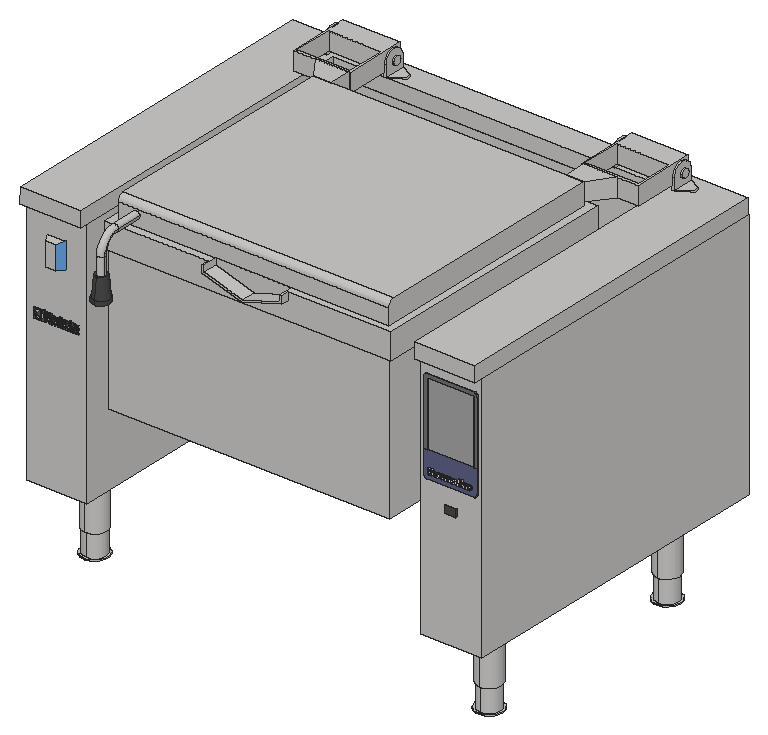
Revit family "QF_ELECTROLUXPROFESSIONAL_587031_PFET09ECUU", category Attrezzature speciali, Revit 2020
Family settings
  Quota connettore circolare = Usa diametro
  Tipo di parte = Normale
  Basato su piano di lavoro = No
  Sempre verticale = Sì
  Taglio con vuoti quando caricato = No
  Condiviso = No
  Punto di calcolo locali = No
Parameters (values of type "Standard")
  Weight = 240.00 kg
  Watts = 15500 W
  Volts = 208 V
  URL Manufacturer = "https://www.electroluxprofessional.com/"
  URL = "https://www.electroluxprofessional.com/"
  Steam Supply Size = 0 mm
  Steam Supply Minimum Pressure = 0.0 Pa
  Steam Supply Maximum Pressure = 0.0 Pa
  Steam Consumption per Hour = 0
  Refrigeration Suction Line Size = 0.0 mm
  Refrigeration Liquid Line Size = 0.0 mm
  Refrigerant Compressor Remote = yes
  Prospetto di default = 0.0 mm
  Produttore = "Electrolux Professional"
  Phase = 3
  Modello = "PFET09ECUU"
  Length Actual = 1200.0 mm  # constant formula
  Item Number = "587031"
  Hot Water Size = 12.7 mm
  Height Actual = 700.0 mm  # constant formula
  HP = "20.8 HP"
  Gas Size = 0 mm
  Gas KW = 0
  Gas Input Pressure = 0 W
  Direct Waste Size = 0 mm
  Descrizione = "ELECTRIC  TILTING BRAISING PAN,90L/24GAL,208V,COMPOUND(H),FS,USA"
  Depth Actual = 900.0 mm  # constant formula
  Cycle = 60 Hz
  Condensate Return Size = 0 mm
  Compressed Air Volume = 0.0 L/s
  Compressed Air Size = 0 mm
  Compressed Air Pressure = 0.0 Pa
  Cold Water Size = 12.7 mm
  Accessory = yes
Reference planes
  plane 1 "Center (Front/Back)": y = 0
  plane 2: z = 0
  plane 3 "Center (Left/Right)": x = 0
  plane 4 "LEFT": x = -600
  plane 5 "RIGHT": x = 600
  plane 6 "BACK": y = 450
  plane 7 "FRONT": y = -450
  plane 8 "Base": z = 200
  plane 9 "TOP": z = 900
  plane 10: x = -440
  plane 11: x = 440
  plane 12 "Axe_PentolaY": y = -230
  plane 13 "AxePentolaZ": z = 730
  plane 14 "PLANE_TOP": z = 860
  plane 15: y = 380
  plane 16: z = 833
  plane 17: z = 455
  plane 18: z = 293
  plane 19: y = -470
  plane 20 "CentroPentolaY": y = -158
  plane 21 "TopCoperchio": z = 958
  plane 22 "Versamento": z = 910
  plane 23 "V1": through (-107.18, -558, 4000) normal (-0.7071, -0.7071, 0)
  plane 24 "V2": through (107.18, -558, 4000) normal (-0.7071, 0.7071, 0)
  plane 25 "Gfront": y = -1300
  plane 26 "LEVEL": through (-245.562, -289.383, 4000) normal (0.866, 0.5, 0)
  plane 27 "GRight": x = 250
  plane 28 "GLeft": x = -250
  plane 29 "Gback": y = -100
  plane 30: z = 1845
  plane 31 "Ribaltamento": y = -521
  plane 32 "AxeL": x = -520
  plane 33 "AxeR": x = 520
  plane 34 "Pentola_Back": y = 226
  plane 35 "Pentola_L": x = -370.5
  plane 36 "Pentola_R": x = 370.5
  plane 37: x = -310.5
  plane 38 "axeC1": x = -380
  plane 39 "axeC2": x = 380
Forms (mm)
  Revolve 1, solid, material "QF_Finishes_Stainless Steel"
    sketch origin (0, 0, 730) x (-1, 0, 0) y (0, -1, 0)
      loop
        line (440, 230) -> (-440, 230) -> (-440, 140) -> (-430, 140) -> (-430, 173) -> (430, 173) -> (430, 140) -> (440, 140) -> (440, 230)
      axis (440, 230) -> (-440, 230)
    angle from 0 to 360
  Extrusion 2, solid, material "QF_Finishes_Stainless Steel"
    sketch origin (0, 0, 860) x (-1, 0, 0) y (0, -1, 0)
      loop
        line (600, 450) -> (440, 450) -> (440, -380) -> (-440, -380) -> (-440, 450) -> (-600, 450) -> (-600, -450) -> (600, -450) -> (600, 450)
    from 0 to 40
  Extrusion 3, solid, material "QF_Finishes_Stainless Steel"
    sketch origin (0, 0, 860) x (-1, 0, 0) y (0, -1, 0)
      loop
        line (440, -380) -> (-440, -380) -> (-440, -450) -> (440, -450) -> (440, -380)
    from 0 to -360
  Extrusion 4, solid, material "QF_Finishes_Stainless Steel"
    sketch origin (-380, 0, 0) x (0, 1, 0) y (0, 0, 1)
      loop
        line (433.242, 900) -> (433.242, 931.379)
        arc (433.242, 931.379) -> (406.621, 958) -> (380, 931.379) r 26.621
        line (380, 931.379) -> (380, 900) -> (433.242, 900)
    from 75 to 82
  Extrusion 5, solid, material "QF_Finishes_Stainless Steel"
    sketch origin (-380, 0, 900) x (0, 1, 0) y (-1, 0, 0)
      loop
        arc (395.936, -111.185) -> (406.621, -117.525) -> (417.305, -111.185) r 12.174
        line (417.305, -111.185) -> (433.242, -82) -> (380, -82) -> (395.936, -111.185)
      loop
        line (395.936, 111.185) -> (380, 82) -> (433.242, 82) -> (417.305, 111.185)
        arc (417.305, 111.185) -> (406.621, 117.525) -> (395.936, 111.185) r 12.174
    from 0 to 3
  Extrusion 6, solid, material "QF_Door-Drawer Clearances", detail levels coarse
    sketch origin (0, 0, 0) x (0, 1, 0) y (0, 0, 1)
      loop
        line (-415, 958) -> (420, 958) -> (209.062, 1745.23) -> (194.574, 1741.347) -> (180.687, 1793.174)
        arc (180.687, 1793.174) -> (156.279, 1828.463) -> (116.687, 1845) r 76.299
        arc (116.687, 1845) -> (-327.776, 1502.756) -> (-519.112, 975.434) r 1003.531
        line (-519.112, 975.434) -> (-430, 943)
        arc (-430, 943) -> (-425.607, 953.607) -> (-415, 958) r 15
      loop
        arc (-470, 900) -> (-521.02, 709.615) -> (-444, 528.183) r 302.677
        line (-444, 528.183) -> (-444, 833) -> (-450, 833) -> (-450, 847.898) -> (-470, 847.898) -> (-470, 900)
    from 105 to -105
  Extrusion 7, solid, material "QF_Finishes_Stainless Steel"
    sketch origin (0, 0, 0) x (0, 1, 0) y (0, 0, 1)
      loop
        line (226, 833) -> (-444, 833) -> (-444, 455) -> (226, 455) -> (226, 833)
    from -370.5 to 370.5
  Extrusion 8, solid, material "QF_Finishes_Stainless Steel"
    sketch origin (0, 0, 0) x (0, 1, 0) y (0, 0, 1)
      loop
        line (232, 833) -> (232, 900) -> (-450, 900) -> (-450, 833) -> (232, 833)
    from -376.5 to 376.5
  Extrusion 9, void
    sketch origin (0, -450, 0) x (-1, 0, 0) y (0, 0, 1)
      loop
        line (-105, 900) -> (-105, 880) -> (0, 847.898) -> (105, 880) -> (105, 900) -> (-105, 900)
    from 0 to 20
  Extrusion 10, solid, material "QF_Finishes_Stainless Steel"
    sketch origin (0, 0, 0) x (0, 1, 0) y (0, 0, 1)
      loop
        line (212, 958) -> (-415, 958)
        arc (-415, 958) -> (-425.607, 953.607) -> (-430, 943) r 15
        line (-430, 943) -> (-430, 900) -> (212, 900) -> (212, 958)
    from -356.5 to 356.5
  Extrusion 11, solid, material "QF_Finishes_Stainless Steel"
    sketch origin (0, -450, 0) x (-1, 0, 0) y (0, 0, 1)
      loop
        line (105, 880) -> (105, 900) -> (100, 900) -> (100, 883.7) -> (0, 853.127) -> (-100, 883.7) -> (-100, 900) -> (-105, 900) -> (-105, 880) -> (0, 847.898) -> (105, 880)
    from -20 to 20
  Extrusion 12, solid, material "QF_Finishes_Stainless Steel"
    sketch origin (-380, 0, 0) x (0, 1, 0) y (0, 0, 1)
      loop
        line (433.242, 900) -> (433.242, 931.379)
        arc (433.242, 931.379) -> (406.621, 958) -> (380, 931.379) r 26.621
        line (380, 931.379) -> (380, 900) -> (433.242, 900)
    from -82 to -75
  Extrusion 13, solid, material "QF_Finishes_Stainless Steel"
    sketch origin (0, 0, 900) x (0, 1, 0) y (-1, 0, 0)
      loop
        line (433.242, 305) -> (433.242, 455) -> (270, 455) -> (270, 305) -> (433.242, 305)
      loop
        line (275, 450) -> (275, 310) -> (380, 310) -> (380, 450) -> (275, 450)
    from 10 to 58
  Extrusion 14, solid, material "QF_Finishes_Stainless Steel"
    sketch origin (-380, 0, 0) x (0, 1, 0) y (0, 0, 1)
      loop
        circle (406.621, 931.379) r 10
    from 82 to 89
  Extrusion 15, solid, material "QF_Finishes_Stainless Steel"
    sketch origin (-380, 0, 0) x (0, 1, 0) y (0, 0, 1)
      loop
        circle (406.621, 931.379) r 10
    from -82 to -89
  Extrusion 16, solid, material "QF_Finishes_Stainless Steel"
    sketch origin (380, 0, 900) x (0, 1, 0) y (-1, 0, 0)
      loop
        arc (395.936, -111.185) -> (406.621, -117.525) -> (417.305, -111.185) r 12.174
        line (417.305, -111.185) -> (433.242, -82) -> (380, -82) -> (395.936, -111.185)
      loop
        line (395.936, 111.185) -> (380, 82) -> (433.242, 82) -> (417.305, 111.185)
        arc (417.305, 111.185) -> (406.621, 117.525) -> (395.936, 111.185) r 12.174
    from 0 to 3
  Extrusion 17, solid, material "QF_Finishes_Stainless Steel"
    sketch origin (380, 0, 0) x (0, 1, 0) y (0, 0, 1)
      loop
        circle (406.621, 931.379) r 10
    from 82 to 89
  Extrusion 18, solid, material "QF_Finishes_Stainless Steel"
    sketch origin (380, 0, 0) x (0, 1, 0) y (0, 0, 1)
      loop
        circle (406.621, 931.379) r 10
    from -82 to -89
  Extrusion 19, solid, material "QF_Finishes_Stainless Steel"
    sketch origin (0, 0, 900) x (0, 1, 0) y (-1, 0, 0)
      loop
        line (433.242, -305) -> (270, -305) -> (270, -455) -> (433.242, -455) -> (433.242, -305)
      loop
        line (275, -450) -> (380, -450) -> (380, -310) -> (275, -310) -> (275, -450)
    from 10 to 58
  Extrusion 20, solid, material "QF_Finishes_Stainless Steel"
    sketch origin (380, 0, 0) x (0, 1, 0) y (0, 0, 1)
      loop
        line (433.242, 900) -> (433.242, 931.379)
        arc (433.242, 931.379) -> (406.621, 958) -> (380, 931.379) r 26.621
        line (380, 931.379) -> (380, 900) -> (433.242, 900)
    from 75 to 82
  Extrusion 21, solid, material "QF_Finishes_Stainless Steel"
    sketch origin (380, 0, 0) x (0, 1, 0) y (0, 0, 1)
      loop
        line (433.242, 900) -> (433.242, 931.379)
        arc (433.242, 931.379) -> (406.621, 958) -> (380, 931.379) r 26.621
        line (380, 931.379) -> (380, 900) -> (433.242, 900)
    from -82 to -75
  Extrusion 22, solid, material "QF_Finishes_Stainless Steel"
    sketch origin (0, 0, 900) x (0, 1, 0) y (-1, 0, 0)
      loop
        line (270, 310.5) -> (270, 397.112) -> (212, 356.5) -> (212, 310.5) -> (270, 310.5)
      loop
        line (270, -310.5) -> (212, -310.5) -> (212, -356.5) -> (270, -397.112) -> (270, -310.5)
    from 10 to 58
Cuts and joins
  Extrusion 9 cuts Extrusion 8
  joined: Extrusion 8, Extrusion 11
Lines and regions (mm)
  symbolic lines
    curve 1: line (600, 450, 900) -> (-600, 450, 900)
    curve 2: line (600, -450, 900) -> (600, 450, 900)
    curve 3: line (-600, 450, 900) -> (-600, -450, 900)
    curve 4: line (-600, -450, 900) -> (-440, -450, 900)
    curve 5: line (-440, -450, 900) -> (-440, 270, 900)
    curve 6: line (440, -450, 900) -> (600, -450, 900)
    curve 7: line (430, -140, 900) -> (430, -320, 900)
    curve 8: line (-430, -140, 900) -> (-430, -320, 900)
    curve 9: line (-430, -140, 900) -> (-440, -140, 900)
    curve 10: line (-430, -320, 900) -> (-440, -320, 900)
    curve 11: line (430, -140, 900) -> (440, -140, 900)
    curve 12: line (430, -320, 900) -> (440, -320, 900)
    curve 18: line (462, 380, 900) -> (455, 380, 900)
    curve 19: line (-430, -172.761, 900) -> (-375.169, -172.761, 900)
    curve 20: line (-430, -286.868, 900) -> (-376.5, -286.868, 900)
    curve 21: line (430, -172.761, 900) -> (376.5, -172.761, 900)
    curve 22: line (430, -286.868, 900) -> (376.5, -286.868, 900)
    curve 48: line (-356.5, -430, 900) -> (356.5, -430, 900)
    curve 49: line (-301.5, -450, 900) -> (-100, -450, 900)
    curve 55: line (100, -450, 900) -> (376.5, -450, 900)
    curve 56: line (-455, 270, 900) -> (-305, 270, 900)
    curve 57: line (-397.112, 270, 900) -> (-356.5, 212, 900)
    curve 58: line (-310.5, 212, 900) -> (-310.5, 232, 900)
    curve 59: line (-305, 270, 900) -> (-305, 433.242, 900)
    curve 60: line (-310, 275, 900) -> (-450, 275, 900)
    curve 61: line (-455, 433.242, 900) -> (-455, 270, 900)
    curve 62: line (-450, 275, 900) -> (-450, 380, 900)
    curve 63: line (-310, 380, 900) -> (-310, 275, 900)
    curve 64: line (-298, 380, 900) -> (-268.815, 395.936, 900)
    curve 65: line (-268.815, 417.305, 900) -> (-298, 433.242, 900)
    curve 66: arc (-268.815, 395.936, 900) -> (-262.475, 406.621, 900) -> (-268.815, 417.305, 900) r 12.174
    curve 67: line (-298, 380, 900) -> (-298, 433.242, 900)
    curve 68: line (-291, 396.621, 900) -> (-291, 416.621, 900)
    curve 69: line (-305, 433.242, 900) -> (-462, 433.242, 900)
    curve 70: line (-469, 416.621, 900) -> (-469, 396.621, 900)
    curve 71: line (-491.185, 395.936, 900) -> (-462, 380, 900)
    curve 72: arc (-491.185, 417.305, 900) -> (-497.525, 406.621, 900) -> (-491.185, 395.936, 900) r 12.174
    curve 73: line (-462, 433.242, 900) -> (-491.185, 417.305, 900)
    curve 74: line (-462, 433.242, 900) -> (-462, 380, 900)
    curve 75: arc (491.185, 395.936, 900) -> (497.525, 406.621, 900) -> (491.185, 417.305, 900) r 12.174
    curve 76: line (462, 380, 900) -> (491.185, 395.936, 900)
    curve 77: line (491.185, 417.305, 900) -> (462, 433.242, 900)
    curve 78: line (462, 380, 900) -> (462, 433.242, 900)
    curve 79: line (469, 396.621, 900) -> (469, 416.621, 900)
    curve 80: line (455, 270, 900) -> (455, 380, 900)
    curve 81: line (450, 380, 900) -> (450, 275, 900)
    curve 82: line (310, 275, 900) -> (310, 380, 900)
    curve 83: line (305, 433.242, 900) -> (305, 380, 900)
    curve 84: line (450, 275, 900) -> (310, 275, 900)
    curve 85: line (455, 270, 900) -> (305, 270, 900)
    curve 86: line (268.815, 395.936, 900) -> (298, 380, 900)
    curve 87: line (298, 433.242, 900) -> (268.815, 417.305, 900)
    curve 88: arc (268.815, 417.305, 900) -> (262.475, 406.621, 900) -> (268.815, 395.936, 900) r 12.174
    curve 89: line (291, 416.621, 900) -> (291, 396.621, 900)
    curve 90: line (298, 433.242, 900) -> (298, 380, 900)
    curve 91: line (356.5, 212, 900) -> (397.112, 270, 900)
    curve 92: line (310.5, 270, 900) -> (310.5, 212, 900)
    curve 93: line (-310.5, 232, 900) -> (-310.5, 270, 900)
    curve 94: line (-370.504, 232, 900) -> (-376.5, 232, 900)
    curve 95: line (310.5, 232, 900) -> (-310.5, 232, 900)
    curve 96: line (-469, 416.621, 900) -> (-462, 416.621, 900)
    curve 97: line (-469, 396.621, 900) -> (-462, 396.621, 900)
    curve 98: line (-291, 416.621, 900) -> (-298, 416.621, 900)
    curve 99: line (-291, 396.621, 900) -> (-298, 396.621, 900)
    curve 100: line (291, 396.621, 900) -> (298, 396.621, 900)
    curve 101: line (291, 416.621, 900) -> (298, 416.621, 900)
    curve 102: line (469, 416.621, 900) -> (462, 416.621, 900)
    curve 103: line (469, 396.621, 900) -> (462, 396.621, 900)
    curve 104: line (298, 433.242, 900) -> (462, 433.242, 900)
    curve 105: line (-450, 380, 900) -> (-310, 380, 900)
    curve 106: line (305, 380, 900) -> (305, 270, 900)
    curve 107: line (305, 380, 900) -> (-305, 380, 900)
    curve 108: line (450, 380, 900) -> (310, 380, 900)
    curve 109: line (455, 380, 900) -> (455, 433.242, 900)
    curve 110: line (440, 270, 900) -> (440, -450, 900)
    curve 111: line (-462, 380, 900) -> (-455, 380, 900)
  symbolic lines, style "SpecialityEquipmentHiddenLines"
    curve 13: line (-250, -1300, 900) -> (250, -1300, 900)
    curve 14: line (-250, -100, 900) -> (-250, -1300, 900)
    curve 15: line (250, -100, 900) -> (-250, -100, 900)
    curve 16: line (250, -1300, 900) -> (250, -100, 900)
    curve 39: line (0, -1165.484, 900) -> (0, -1135.484, 900)
    curve 40: line (-15, -1150.484, 900) -> (15, -1150.484, 900)
  symbolic lines, style "SpecialityEquipment"
    curve 17: circle (0, -1150.484, 900) r 15 normal (0, 0, 1)
    curve 23: line (210, -1300, 900) -> (210, -1100, 900)
    curve 24: line (170, -1300, 900) -> (170, -1140, 900)
    curve 25: line (130, -1300, 900) -> (130, -1180, 900)
    curve 26: line (90, -1300, 900) -> (90, -1220, 900)
    curve 27: line (90, -1260, 900) -> (250, -1260, 900)
    curve 28: line (130, -1220, 900) -> (250, -1220, 900)
    curve 29: line (170, -1180, 900) -> (250, -1180, 900)
    curve 30: line (210, -1140, 900) -> (250, -1140, 900)
    curve 31: line (-210, -1300, 900) -> (-210, -1100, 900)
    curve 32: line (-170, -1300, 900) -> (-170, -1140, 900)
    curve 33: line (-130, -1300, 900) -> (-130, -1180, 900)
    curve 34: line (-90, -1300, 900) -> (-90, -1220, 900)
    curve 35: line (-90, -1260, 900) -> (-250, -1260, 900)
    curve 36: line (-130, -1220, 900) -> (-250, -1220, 900)
    curve 37: line (-170, -1180, 900) -> (-250, -1180, 900)
    curve 38: line (-210, -1140, 900) -> (-250, -1140, 900)
    curve 41: line (-356.5, 212, 900) -> (-356.5, -430, 900)
    curve 42: line (356.5, -430, 900) -> (356.5, 212, 900)
    curve 43: line (356.5, 212, 900) -> (-356.5, 212, 900)
    curve 44: line (-376.5, 232, 900) -> (-376.5, -450, 900)
    curve 45: line (376.5, 232, 900) -> (370.504, 232, 900)
    curve 46: line (-376.5, -450, 900) -> (-319.5, -450, 900)
    curve 47: line (376.5, -450, 900) -> (376.5, 232, 900)
    curve 50: line (-100, -430, 900) -> (-100, -470, 900)
    curve 51: line (-105, -470, 900) -> (105, -470, 900)
    curve 52: line (100, -470, 900) -> (100, -430, 900)
    curve 53: line (105, -470, 900) -> (105, -450, 900)
    curve 54: line (-105, -450, 900) -> (-105, -470, 900)
Dimensions and locks
  plane 4 "LEFT" to plane 5 "RIGHT" = 1200.0 mm
  equal spacing: plane 4 "LEFT", plane 3 "Center (Left/Right)", plane 5 "RIGHT"
  equal spacing: plane 6 "BACK", plane 1 "Center (Front/Back)", plane 7 "FRONT"
  plane 6 "BACK" to plane 7 "FRONT" = 900.0 mm
  plane 8 "Base" to level = 200.0 mm
  plane 9 "TOP" to level = 900.0 mm
  plane 9 "TOP" to plane 8 "Base" = 700.0 mm
  locked: plane 4 "LEFT" to plane 10 at 160
  locked: plane 11 to plane 5 "RIGHT" at 160
  locked: plane 6 "BACK" to plane 12 "Axe_PentolaY" at 680
  locked: plane 13 "AxePentolaZ" to plane 8 "Base" at 530
  locked: Revolve 1 sketch curve to Revolve 1 sketch curve at 57
  locked: Revolve 1 sketch curve to Revolve 1 sketch curve at 90
  locked: plane 10 to Revolve 1 sketch curve at 10
  locked: Revolve 1 sketch curve to plane 11 at 10
  locked: plane 9 "TOP" to plane 14 "PLANE_TOP" at 40
  plane 6 "BACK" to plane 15 = 70.0 mm
  locked: plane 16 to plane 13 "AxePentolaZ" at 103
  locked: plane 13 "AxePentolaZ" to plane 17 at 275
  locked: plane 17 to plane 18 at 162
  plane 6 "BACK" to plane 19 = 920.0 mm
  locked: plane 6 "BACK" to plane 20 "CentroPentolaY" at 608
  locked: plane 21 "TopCoperchio" to plane 9 "TOP" at 58
  locked: plane 22 "Versamento" to level at 910
  plane 6 "BACK" to plane 25 "Gfront" = 1750.0 mm
  locked: plane 28 "GLeft" to plane 3 "Center (Left/Right)" at 250
  locked: plane 3 "Center (Left/Right)" to plane 27 "GRight" at 250
  plane 6 "BACK" to plane 29 "Gback" = 550.0 mm
  plane 30 to plane 9 "TOP" = 945.0 mm
  plane 6 "BACK" to plane 31 "Ribaltamento" = 971.0 mm
  equal spacing: plane 10, plane 32 "AxeL", plane 4 "LEFT"
  equal spacing: plane 5 "RIGHT", plane 33 "AxeR", plane 11
  locked: plane 36 "Pentola_R" to plane 35 "Pentola_L" at 741
  equal spacing: plane 36 "Pentola_R", plane 3 "Center (Left/Right)", plane 35 "Pentola_L"
  locked: Extrusion 8 sketch curve to plane 34 "Pentola_Back" at 6
  plane 34 "Pentola_Back" to plane 12 "Axe_PentolaY" = 456.0 mm
  locked: plane 37 to plane 35 "Pentola_L" at 60
  plane 4 "LEFT" to plane 38 "axeC1" = 220.0 mm
  plane 39 "axeC2" to plane 5 "RIGHT" = 220.0 mm
  locked: cut or joined group of Extrusion 8, Extrusion 9, Extrusion 11 to plane 36 "Pentola_R" at 6
  locked: plane 35 "Pentola_L" to cut or joined group of Extrusion 8, Extrusion 9, Extrusion 11 at 6
  locked: Extrusion 10 to plane 35 "Pentola_L" at 14
  locked: plane 36 "Pentola_R" to Extrusion 10 at 14
  aligned and locked: level to plane 2
  aligned and locked: plane 5 "RIGHT" to nested 2
  aligned and locked: plane 4 "LEFT" to nested 1
  aligned and locked: plane 8 "Base" to nested 1
  aligned and locked: plane 6 "BACK" to nested 2
  aligned and locked: plane 10 to Revolve 1 sketch curve
  aligned and locked: plane 11 to Revolve 1 sketch curve
  aligned and locked: plane 4 "LEFT" to Extrusion 2 sketch curve
  aligned and locked: Extrusion 2 sketch curve to plane 10
  aligned and locked: plane 7 "FRONT" to Extrusion 2 sketch curve  (x2)
  aligned and locked: Extrusion 2 sketch curve to plane 5 "RIGHT"
  aligned and locked: plane 11 to Extrusion 2 sketch curve
  aligned and locked: Extrusion 2 sketch curve to plane 6 "BACK"
  aligned and locked: plane 15 to Extrusion 2 sketch curve
  aligned and locked: Extrusion 3 sketch curve to plane 10
  aligned and locked: plane 6 "BACK" to Extrusion 3 sketch curve
  aligned and locked: plane 11 to Extrusion 3 sketch curve
  aligned and locked: Extrusion 3 sketch curve to plane 15
  aligned and locked: curve 13 to plane 25 "Gfront"
  aligned and locked: curve 14 to plane 28 "GLeft"
  aligned and locked: plane 27 "GRight" to curve 16
  aligned and locked: plane 29 "Gback" to curve 15
  aligned and locked: plane 33 "AxeR" to nested 3
  aligned and locked: plane 17 to Extrusion 7 sketch curve
  aligned and locked: Extrusion 8 sketch curve to plane 16
  aligned and locked: plane 9 "TOP" to Extrusion 8 sketch curve
  aligned and locked: Extrusion 7 to plane 35 "Pentola_L"
  aligned and locked: plane 36 "Pentola_R" to Extrusion 7
  aligned and locked: plane 37 to nested 4
  aligned and locked: plane 32 "AxeL" to nested 5
Automatic sketch dimensions
  plane 12 "Axe_PentolaY" to Revolve 1 sketch curve = 0.0 mm
  Revolve 1 sketch curve to plane 12 "Axe_PentolaY" = 0.0 mm
  plane 20 "CentroPentolaY" to Revolve 1 sketch curve = 18.0 mm
  plane 5 "RIGHT" to Revolve 1 sketch curve = 432.098 mm
  Revolve 1 sketch curve to plane 4 "LEFT" = 580.148 mm
  Extrusion 4 sketch curve to plane 9 "TOP" = 0.0 mm
  Extrusion 4 sketch curve to plane 15 = 0.0 mm
  plane 15 to Extrusion 4 sketch curve = 26.621 mm
  plane 22 "Versamento" to Extrusion 4 sketch curve = 21.379 mm
  Extrusion 5 sketch curve to plane 15 = 0.0 mm  (x2)
  plane 15 to Extrusion 5 sketch curve = 15.936 mm  (x2)
  Extrusion 5 sketch curve to Extrusion 5 sketch curve = 10.684 mm  (x4)
  Extrusion 5 sketch curve to plane 28 "GLeft" = 18.815 mm
  Extrusion 5 sketch curve to plane 6 "BACK" = 16.758 mm  (x2)
  Extrusion 5 sketch curve to Extrusion 5 sketch curve = 5.834 mm  (x2)
  plane 37 to Extrusion 5 sketch curve = 12.5 mm
  Extrusion 5 sketch curve to plane 10 = 22.0 mm
  plane 32 "AxeL" to Extrusion 5 sketch curve = 34.649 mm
  Extrusion 7 sketch curve to plane 16 = 0.0 mm
  Extrusion 7 sketch curve to plane 34 "Pentola_Back" = 0.0 mm
  plane 7 "FRONT" to Extrusion 7 sketch curve = 6.0 mm
  Extrusion 8 sketch curve to plane 7 "FRONT" = 0.0 mm
  Extrusion 9 sketch curve to plane 9 "TOP" = 0.0 mm
  Extrusion 9 sketch curve to plane 3 "Center (Left/Right)" = 0.0 mm
  plane 3 "Center (Left/Right)" to Extrusion 9 sketch curve = 105.0 mm
  Extrusion 9 sketch curve to plane 9 "TOP" = 20.0 mm  (x2)
  Extrusion 9 sketch curve to plane 3 "Center (Left/Right)" = 105.0 mm
  Extrusion 9 sketch curve to plane 14 "PLANE_TOP" = 12.102 mm
  Extrusion 10 sketch curve to plane 9 "TOP" = 0.0 mm
  plane 7 "FRONT" to Extrusion 10 sketch curve = 20.0 mm
  Extrusion 10 sketch curve to Extrusion 10 sketch curve = 15.0 mm
  Extrusion 10 sketch curve to plane 34 "Pentola_Back" = 14.0 mm
  Extrusion 11 sketch curve to plane 9 "TOP" = 0.0 mm  (x2)
  Extrusion 11 sketch curve to plane 3 "Center (Left/Right)" = 0.0 mm  (x2)
  plane 3 "Center (Left/Right)" to Extrusion 11 sketch curve = 100.0 mm
  Extrusion 11 sketch curve to Extrusion 11 sketch curve = 5.0 mm  (x2)
  Extrusion 11 sketch curve to plane 9 "TOP" = 16.3 mm
  Extrusion 11 sketch curve to plane 3 "Center (Left/Right)" = 100.0 mm
  Extrusion 11 sketch curve to plane 9 "TOP" = 20.0 mm  (x2)
  Extrusion 11 sketch curve to plane 14 "PLANE_TOP" = 6.873 mm
  Extrusion 11 sketch curve to Extrusion 11 sketch curve = 5.228 mm
  Extrusion 11 sketch curve to Extrusion 11 sketch curve = 3.7 mm
  Extrusion 12 sketch curve to plane 9 "TOP" = 0.0 mm
  Extrusion 12 sketch curve to plane 15 = 0.0 mm
  plane 15 to Extrusion 12 sketch curve = 26.621 mm
  plane 22 "Versamento" to Extrusion 12 sketch curve = 21.379 mm
  Extrusion 13 sketch curve to plane 15 = 0.0 mm
  plane 37 to Extrusion 13 sketch curve = 0.5 mm
  plane 34 "Pentola_Back" to Extrusion 13 sketch curve = 49.0 mm
  Extrusion 13 sketch curve to Extrusion 13 sketch curve = 5.0 mm
  Extrusion 13 sketch curve to plane 6 "BACK" = 16.758 mm
  plane 37 to Extrusion 13 sketch curve = 5.5 mm
  Extrusion 13 sketch curve to plane 10 = 10.0 mm
  Extrusion 13 sketch curve to plane 10 = 15.0 mm
  plane 15 to Extrusion 14 sketch curve = 26.621 mm
  plane 22 "Versamento" to Extrusion 14 sketch curve = 21.379 mm
  plane 15 to Extrusion 15 sketch curve = 26.621 mm
  plane 22 "Versamento" to Extrusion 15 sketch curve = 21.379 mm
  Extrusion 16 sketch curve to plane 15 = 0.0 mm  (x2)
  plane 15 to Extrusion 16 sketch curve = 15.936 mm  (x2)
  Extrusion 16 sketch curve to Extrusion 16 sketch curve = 10.684 mm  (x4)
  plane 27 "GRight" to Extrusion 16 sketch curve = 18.815 mm
  Extrusion 16 sketch curve to plane 6 "BACK" = 16.758 mm  (x2)
  Extrusion 16 sketch curve to Extrusion 16 sketch curve = 5.834 mm  (x2)
  Extrusion 16 sketch curve to Extrusion 16 sketch curve = 29.185 mm
  plane 11 to Extrusion 16 sketch curve = 22.0 mm
  Extrusion 16 sketch curve to plane 33 "AxeR" = 34.649 mm
  plane 15 to Extrusion 17 sketch curve = 26.621 mm
  plane 22 "Versamento" to Extrusion 17 sketch curve = 21.379 mm
  plane 15 to Extrusion 18 sketch curve = 26.621 mm
  plane 22 "Versamento" to Extrusion 18 sketch curve = 21.379 mm
  Extrusion 19 sketch curve to plane 15 = 0.0 mm
  Extrusion 19 sketch curve to plane 34 "Pentola_Back" = 49.0 mm
  Extrusion 19 sketch curve to Extrusion 19 sketch curve = 5.0 mm  (x2)
  plane 6 "BACK" to Extrusion 19 sketch curve = 16.758 mm
  Extrusion 19 sketch curve to plane 27 "GRight" = 55.0 mm
  Extrusion 19 sketch curve to plane 11 = 10.0 mm
  Extrusion 19 sketch curve to plane 11 = 15.0 mm
  Extrusion 20 sketch curve to plane 9 "TOP" = 0.0 mm
  Extrusion 20 sketch curve to plane 15 = 0.0 mm
  Extrusion 20 sketch curve to Extrusion 20 sketch curve = 26.621 mm
  plane 22 "Versamento" to Extrusion 20 sketch curve = 21.379 mm
  Extrusion 21 sketch curve to plane 9 "TOP" = 0.0 mm
  Extrusion 21 sketch curve to plane 15 = 0.0 mm
  Extrusion 21 sketch curve to Extrusion 21 sketch curve = 26.621 mm
  plane 22 "Versamento" to Extrusion 21 sketch curve = 21.379 mm
  Extrusion 22 sketch curve to plane 37 = 0.0 mm
  Extrusion 22 sketch curve to plane 34 "Pentola_Back" = 14.0 mm  (x2)
  Extrusion 22 sketch curve to plane 38 "axeC1" = 17.112 mm
  plane 34 "Pentola_Back" to Extrusion 22 sketch curve = 44.0 mm  (x2)
  Extrusion 22 sketch curve to plane 36 "Pentola_R" = 60.0 mm
  Extrusion 22 sketch curve to plane 36 "Pentola_R" = 14.0 mm
  plane 39 "axeC2" to Extrusion 22 sketch curve = 17.112 mm
  plane 35 "Pentola_L" to Extrusion 22 sketch curve = 14.0 mm
  Extrusion 10 sketch curve to plane 21 "TopCoperchio" = 0.0 mm
  Extrusion 6 sketch curve to plane 9 "TOP" = 0.0 mm
  Extrusion 6 sketch curve to plane 19 = 0.0 mm
  Extrusion 6 sketch curve to plane 7 "FRONT" = 0.0 mm
  Extrusion 6 sketch curve to plane 16 = 0.0 mm
  Extrusion 6 sketch curve to plane 21 "TopCoperchio" = 0.0 mm
  Extrusion 6 sketch curve to plane 30 = 0.0 mm
  Extrusion 6 sketch curve to Extrusion 6 sketch curve = 6.0 mm
  plane 7 "FRONT" to Extrusion 6 sketch curve = 20.0 mm
  Extrusion 6 sketch curve to plane 21 "TopCoperchio" = 15.0 mm
  plane 13 "AxePentolaZ" to Extrusion 6 sketch curve = 0.728 mm
  plane 12 "Axe_PentolaY" to Extrusion 6 sketch curve = 10.919 mm
  Extrusion 6 sketch curve to plane 1 "Center (Front/Back)" = 108.263 mm
  Extrusion 6 sketch curve to plane 34 "Pentola_Back" = 45.313 mm
  Extrusion 6 sketch curve to plane 34 "Pentola_Back" = 31.426 mm
  Extrusion 6 sketch curve to Extrusion 6 sketch curve = 14.489 mm
  Extrusion 6 sketch curve to plane 6 "BACK" = 30.0 mm
  plane 22 "Versamento" to Extrusion 6 sketch curve = 0.445 mm
  plane 6 "BACK" to Extrusion 6 sketch curve = 32.313 mm
  Extrusion 6 sketch curve to plane 14 "PLANE_TOP" = 12.102 mm
  Extrusion 6 sketch curve to plane 30 = 103.653 mm
  Extrusion 6 sketch curve to Extrusion 6 sketch curve = 24.006 mm
  plane 31 "Ribaltamento" to Extrusion 6 sketch curve = 1.888 mm
  curve 39 to plane 3 "Center (Left/Right)" = 0.0 mm
  curve 17 to plane 3 "Center (Left/Right)" = 0.0 mm
  curve 50 to plane 19 = 0.0 mm
  curve 110 to plane 7 "FRONT" = 0.0 mm
  curve 55 to plane 7 "FRONT" = 0.0 mm
  curve 49 to plane 7 "FRONT" = 0.0 mm
  curve 5 to plane 7 "FRONT" = 0.0 mm
  curve 44 to plane 7 "FRONT" = 0.0 mm
  curve 10 to plane 10 = 0.0 mm
  curve 12 to plane 11 = 0.0 mm
  curve 58 to plane 37 = 0.0 mm
  curve 93 to plane 37 = 0.0 mm
  curve 63 to plane 15 = 0.0 mm
  curve 108 to plane 15 = 0.0 mm
  curve 64 to plane 15 = 0.0 mm
  curve 109 to plane 15 = 0.0 mm
  curve 111 to plane 15 = 0.0 mm
  curve 2 to plane 5 "RIGHT" = 0.0 mm
  curve 2 to plane 6 "BACK" = 0.0 mm
  curve 1 to plane 4 "LEFT" = 0.0 mm
  plane 25 "Gfront" to curve 17 = 149.516 mm
  plane 7 "FRONT" to curve 48 = 20.0 mm
  curve 12 to plane 11 = 10.0 mm
  curve 12 to plane 12 "Axe_PentolaY" = 90.0 mm
  plane 10 to curve 8 = 10.0 mm
  curve 8 to plane 12 "Axe_PentolaY" = 90.0 mm
  plane 20 "CentroPentolaY" to curve 8 = 18.0 mm
  plane 20 "CentroPentolaY" to curve 7 = 18.0 mm
  curve 57 to plane 34 "Pentola_Back" = 14.0 mm
  plane 34 "Pentola_Back" to curve 47 = 6.0 mm
  plane 34 "Pentola_Back" to curve 44 = 6.0 mm
  plane 34 "Pentola_Back" to curve 93 = 6.0 mm
  plane 37 to curve 59 = 5.5 mm
  curve 58 to curve 59 = 38.0 mm
  curve 95 to curve 85 = 38.0 mm
  curve 80 to curve 81 = 5.0 mm  (x2)
  plane 37 to curve 60 = 0.5 mm
  curve 93 to curve 60 = 5.0 mm
  plane 15 to curve 86 = 15.936 mm
  plane 15 to curve 64 = 15.936 mm
  plane 15 to curve 71 = 15.936 mm
  plane 15 to curve 76 = 15.936 mm
  plane 15 to curve 70 = 16.621 mm
  plane 15 to curve 68 = 16.621 mm
  plane 15 to curve 79 = 16.621 mm
  plane 15 to curve 100 = 16.621 mm
  curve 86 to curve 88 = 10.684 mm
  curve 76 to curve 75 = 10.684 mm
  curve 64 to curve 66 = 10.684 mm
  curve 71 to curve 72 = 10.684 mm
  curve 88 to curve 101 = 10.0 mm
  curve 72 to curve 70 = 10.0 mm
  curve 66 to curve 98 = 10.0 mm
  curve 75 to curve 102 = 10.0 mm
  curve 75 to curve 77 = 10.684 mm
  curve 65 to plane 28 "GLeft" = 18.815 mm
  curve 66 to curve 65 = 10.684 mm
  plane 27 "GRight" to curve 87 = 18.815 mm
  curve 88 to curve 87 = 10.684 mm
  curve 72 to curve 73 = 10.684 mm
  curve 101 to curve 87 = 16.621 mm
  curve 96 to curve 74 = 16.621 mm
  curve 59 to curve 67 = 0.0 mm
  curve 76 to plane 33 "AxeR" = 28.815 mm
  curve 77 to curve 75 = 5.834 mm
  curve 75 to curve 79 = 16.351 mm
  curve 79 to curve 77 = 7.0 mm
  plane 11 to curve 85 = 15.0 mm
  curve 55 to plane 39 "axeC2" = 3.5 mm
  curve 43 to plane 36 "Pentola_R" = 14.0 mm
  plane 27 "GRight" to curve 82 = 60.0 mm
  curve 82 to curve 107 = 5.0 mm
  curve 90 to curve 87 = 29.185 mm
  curve 100 to curve 89 = 7.0 mm
  curve 88 to curve 87 = 5.834 mm
  plane 3 "Center (Left/Right)" to curve 51 = 105.0 mm
  curve 54 to plane 3 "Center (Left/Right)" = 105.0 mm
  curve 65 to curve 66 = 5.834 mm
  curve 66 to curve 68 = 16.351 mm
  curve 65 to curve 59 = 7.0 mm
  plane 35 "Pentola_L" to curve 41 = 14.0 mm
  plane 38 "axeC1" to curve 44 = 3.5 mm
  curve 105 to plane 10 = 10.0 mm
  curve 60 to curve 56 = 5.0 mm
  curve 61 to curve 74 = 7.0 mm
  curve 96 to curve 70 = 7.0 mm
  curve 70 to curve 72 = 16.351 mm
  curve 72 to curve 73 = 5.834 mm
  curve 34 to curve 35 = 40.0 mm
  curve 13 to curve 27 = 40.0 mm
  curve 35 to curve 36 = 40.0 mm
  curve 27 to curve 28 = 40.0 mm
  curve 36 to curve 34 = 0.0 mm
  curve 26 to curve 28 = 0.0 mm
  curve 36 to curve 33 = 40.0 mm
  curve 36 to curve 37 = 40.0 mm
  curve 28 to curve 25 = 40.0 mm
  curve 28 to curve 29 = 40.0 mm
  curve 39 to curve 17 = 15.0 mm
  curve 40 to curve 17 = 0.0 mm
  curve 29 to curve 30 = 40.0 mm
  curve 37 to curve 32 = 40.0 mm
  curve 38 to curve 32 = 0.0 mm
  curve 24 to curve 30 = 0.0 mm
  curve 38 to curve 31 = 40.0 mm
  curve 30 to curve 23 = 40.0 mm
  curve 7 to curve 22 = 33.132 mm
  curve 8 to curve 20 = 33.132 mm
  curve 21 to plane 20 "CentroPentolaY" = 14.761 mm
  curve 19 to plane 20 "CentroPentolaY" = 14.761 mm
  curve 109 to curve 18 = 0.0 mm
  plane 39 "axeC2" to curve 91 = 17.112 mm
  curve 92 to curve 82 = 0.5 mm
  curve 83 to curve 87 = 7.0 mm
  curve 86 to curve 90 = 0.0 mm
  curve 30 to plane 27 "GRight" = 40.0 mm
  curve 30 to curve 24 = 40.0 mm
  curve 24 to curve 25 = 40.0 mm
  curve 53 to curve 52 = 5.0 mm
  curve 25 to curve 26 = 40.0 mm
  curve 35 to plane 3 "Center (Left/Right)" = 90.0 mm
  curve 50 to curve 51 = 5.0 mm
  curve 34 to curve 36 = 40.0 mm
  curve 33 to curve 37 = 40.0 mm
  curve 31 to curve 13 = 40.0 mm
  curve 64 to curve 67 = 0.0 mm
  plane 37 to curve 49 = 9.0 mm
  curve 46 to plane 37 = 9.0 mm
  curve 94 to plane 35 "Pentola_L" = 0.004 mm
  curve 19 to plane 35 "Pentola_L" = 4.669 mm
  radius of Extrusion 14 sketch curve = 10.0 mm
  radius of Extrusion 15 sketch curve = 10.0 mm
  radius of Extrusion 17 sketch curve = 10.0 mm
  radius of Extrusion 18 sketch curve = 10.0 mm
Nested families
  nested 1: "QF_ELECTROLUXPROFESSIONAL_PBOTNB900_LEFT" at (-520, 0, 0), type "QF_ELECTROLUXPROFESSIONAL_PBOTNB900_LEFT"
    with Body Finish QF_Finishes_Stainless Steel
  nested 2: "QF_ELECTROLUXPROFESSIONAL_PBOTNB900_RIGHT" at (520, 0, 0), type "QF_ELECTROLUXPROFESSIONAL_PBOTNB900_RIGHT"
    with Body Finish QF_Finishes_Stainless Steel
  nested 3: "QF_ELECTROLUXPROFESSIONAL_2FEET_THL_120xH200" at (520, 0, 0), type "QF_ELECTROLUXPROFESSIONAL_2FEET_THL_120xH200"
  nested 4: "QF_ELECTROLUXPROFESSIONAL_PFET900_LEVEL1" at (-310.5, -430, 927.803), type "QF_ELECTROLUXPROFESSIONAL_PFET900_LEVEL1"
  nested 5: "QF_ELECTROLUXPROFESSIONAL_2FEET_THL_120xH200" at (-520, 0, 0), type "QF_ELECTROLUXPROFESSIONAL_2FEET_THL_120xH200"
Connectors
  piping at (-550, 453, 395), diameter 12.7, driven by "Hot Water Size"
    settings: on nested 1, index 1, connector inside diameter 609.6 mm, connector length 0.0 mm, flow factor 0, pipe flow 0.0 L/s, pressure drop 0.0 Pa, fitting loss kfactor 0, connector angle 0.00°, fixture units 0, engagement length 0.0 mm, angle of deflection 0.00°, flow configuration 1, flow direction 1, fitting loss method 0, system type 19, joint type 0, gender type 0, connector reference index -1, connector utility 0, adjustable connector no, is connector primary yes, connector description "Hot Water Inlet"
  piping at (-490, 453, 395), diameter 12.7, driven by "Cold Water Size"
    settings: on nested 1, index 2, connector inside diameter 609.6 mm, connector length 0.0 mm, flow factor 0, pipe flow 0.0 L/s, pressure drop 0.0 Pa, fitting loss kfactor 0, connector angle 0.00°, fixture units 0, engagement length 0.0 mm, angle of deflection 0.00°, flow configuration 1, flow direction 1, fitting loss method 0, system type 20, joint type 0, gender type 0, connector reference index -1, connector utility 0, adjustable connector no, is connector primary no, connector description "Cold Water Inlet"
  electrical at (520, 450, 450), driven by "Volts"
    settings: on nested 2, index 3, voltage 208 V, apparent load 0 VA, apparent load phase1 0 VA, apparent load phase2 0 VA, apparent load phase3 0 VA, power factor 1, load classification "Other", number of poles 1, system type 30, power factor state 1, is connector primary yes, connector utility no, sub classification motor no, connector description "Electrical Connection"
Definition of nested family "QF_ELECTROLUXPROFESSIONAL_PBOTNB900_LEFT"
  Parameters
    Width = 160.0 mm
    Right = Width / 2  # 80.0 mm
    Default Elevation = 0.0 mm
    Left = -Width / 2  # -80.0 mm
    Htop = 40.0 mm
    Height = 900.0 mm
    HW_CW_z = 195.0 mm
    HW_CW_y = 312.0 mm
    HW_CW_Border = 50.0 mm
    HBase = 200.0 mm
    Depth = 900.0 mm
    BorderFront = 20.0 mm
    Body Finish [instance] = none
  Reference planes
    plane 1 "Center (Front/Back)": y = 0
    plane 2: z = 0
    plane 3 "Center (Left/Right)": x = 0
    plane 4 "LEFT": x = -80
    plane 5 "RIGHT": x = 80
    plane 6 "BACK": y = 450
    plane 7 "FRONT": y = -450
    plane 8 "TRAYSLIDER": y = -811.8
    plane 9 "Base": z = 200
    plane 10 "TOP": z = 900
    plane 11 "BorderFront": y = -430
    plane 12: z = 860
    plane 13 "HW_CW": y = 138
    plane 14: x = -30
    plane 15: x = 30
    plane 16 "STEAM": z = 340
    plane 17 "CHW": z = 395
  Forms (mm)
    Extrusion 1, solid
      sketch origin (0, 0, 0) x (1, 0, 0) y (0, 1, 0)
        loop
          line (-80, 450) -> (-80, -430) -> (80, -430) -> (80, 450) -> (-80, 450)
      from 860 to 200
    Extrusion 2, solid, material <- "Body Finish"
      sketch origin (0, 450, 0) x (-1, 0, 0) y (0, 0, 1)
        loop
          circle (30, 395) r 6.35
        loop
          circle (-30, 395) r 6.35
      from 3 to 0
    Blend 3, solid, material <- "Body Finish"
      base sketch origin (0, -430, -0.233) x (-1, 0, 0) y (0, 0, 1)
        loop
          line (23.5, 800.233) -> (-23.5, 800.233) -> (-23.5, 733.433) -> (23.5, 733.433) -> (23.5, 800.233)
      top sketch origin (0, -430, -0.233) x (-1, 0, 0) y (0, 0, 1)
        loop
          line (13.448, 797.45) -> (-13.448, 797.45) -> (-13.448, 736.216) -> (13.448, 736.216) -> (13.448, 797.45)
      from 0 to -20
    Extrusion 4, solid
      sketch origin (-12.54, -430, 23) x (-1, 0, 0) y (0, 0, 1)
        loop
          line (5.327, 593.058) -> (5.327, 590.846) -> (11.437, 590.846) -> (11.437, 587.616) -> (5.692, 587.616) -> (5.692, 585.398) -> (11.437, 585.398) -> (11.437, 583.444)
          arc (11.437, 583.444) -> (10.839, 582.088) -> (9.435, 581.614) r 1.838
          line (9.435, 581.614) -> (5.163, 581.614) -> (5.163, 579.403) -> (9.986, 579.403)
          arc (9.986, 579.403) -> (12.674, 580.517) -> (13.788, 583.205) r 3.802
          line (13.788, 583.205) -> (13.788, 593.058) -> (5.327, 593.058)
        loop
          line (3.492, 593.058) -> (1.141, 593.058) -> (1.141, 579.403) -> (3.492, 579.403) -> (3.492, 593.058)
        loop
          line (-47.588, 593.058) -> (-49.941, 593.058) -> (-49.941, 579.403) -> (-47.588, 579.403) -> (-47.588, 593.058)
        loop
          arc (-2.749, 583.764) -> (-3.194, 582.272) -> (-4.489, 581.409) r 2.29
          arc (-4.489, 581.409) -> (-6.614, 581.225) -> (-8.443, 582.322) r 3.458
          line (-8.443, 582.322) -> (-9.836, 580.928)
          arc (-9.836, 580.928) -> (-7.685, 579.48) -> (-5.119, 579.102) r 5.86
          arc (-5.119, 579.102) -> (-1.823, 580.467) -> (-0.457, 583.764) r 4.662
          arc (-0.457, 583.764) -> (-1.495, 587.706) -> (-5.131, 589.55) r 4.976
          arc (-5.131, 589.55) -> (-9.259, 588.004) -> (-10.466, 583.764) r 4.89
          line (-10.466, 583.764) -> (-2.749, 583.764)
        loop
          arc (-2.808, 585.417) -> (-3.843, 587.066) -> (-5.727, 587.557) r 2.64
          arc (-5.727, 587.557) -> (-7.36, 586.981) -> (-8.104, 585.417) r 2.256
          line (-8.104, 585.417) -> (-2.808, 585.417)
        loop
          arc (-19.634, 586.402) -> (-17.741, 587.437) -> (-15.609, 587.112) r 3.369
          arc (-15.609, 587.112) -> (-14.276, 585.699) -> (-14.118, 583.764) r 2.933
          arc (-14.118, 583.764) -> (-16.389, 581.316) -> (-19.559, 582.365) r 3.088
          line (-19.559, 582.365) -> (-21.028, 580.896)
          arc (-21.028, 580.896) -> (-14.811, 579.611) -> (-11.775, 585.186) r 5.33
          arc (-11.775, 585.186) -> (-13.576, 588.365) -> (-17.009, 589.62) r 5.293
          arc (-17.009, 589.62) -> (-19.259, 589.219) -> (-21.111, 587.878) r 5.117
          line (-21.111, 587.878) -> (-19.634, 586.402)
        loop
          line (-22.556, 593.058) -> (-24.908, 593.058) -> (-24.908, 589.279) -> (-27.044, 589.279) -> (-27.044, 587.143) -> (-24.908, 587.143) -> (-24.908, 583.764)
          arc (-24.908, 583.764) -> (-25.11, 582.682) -> (-25.866, 581.883) r 1.949
          arc (-25.866, 581.883) -> (-26.455, 581.649) -> (-27.088, 581.601) r 2.118
          line (-27.088, 581.601) -> (-27.088, 579.397)
          arc (-27.088, 579.397) -> (-24.962, 579.678) -> (-23.283, 581.013) r 4.018
          arc (-23.283, 581.013) -> (-22.759, 582.327) -> (-22.556, 583.727) r 6.031
          line (-22.556, 583.727) -> (-22.556, 593.058)
        loop
          line (-31.355, 584.595) -> (-31.355, 579.403) -> (-29.023, 579.403) -> (-29.023, 589.279) -> (-31.355, 589.279) -> (-31.355, 587.855)
          arc (-31.355, 587.855) -> (-32.932, 589.208) -> (-35.001, 589.403) r 3.432
          line (-35.001, 589.403) -> (-35.001, 587.143)
          arc (-35.001, 587.143) -> (-33.417, 587.175) -> (-32.009, 586.452) r 3.231
          arc (-32.009, 586.452) -> (-31.523, 585.579) -> (-31.355, 584.595) r 2.967
        loop
          circle (-40.752, 584.339) r 5.233
        loop
          circle (-40.752, 584.339) r 3.172
        loop
          line (-58.424, 583.516) -> (-58.424, 589.279) -> (-60.794, 589.279) -> (-60.794, 583.417)
          arc (-60.794, 583.417) -> (-59.481, 580.276) -> (-56.268, 579.153) r 4.181
          arc (-56.268, 579.153) -> (-53.09, 580.243) -> (-51.74, 583.32) r 4.181
          line (-51.74, 583.32) -> (-51.74, 589.279) -> (-54.111, 589.279) -> (-54.111, 583.516)
          arc (-54.111, 583.516) -> (-54.692, 581.919) -> (-56.268, 581.283) r 2.088
          arc (-56.268, 581.283) -> (-57.843, 581.919) -> (-58.424, 583.516) r 2.088
        loop
          line (-62.216, 589.279) -> (-64.76, 589.279) -> (-66.89, 586.347) -> (-69.053, 589.279) -> (-71.621, 589.279) -> (-68.238, 584.695) -> (-71.937, 579.4) -> (-69.425, 579.4) -> (-66.898, 582.879) -> (-64.408, 579.4) -> (-61.879, 579.4) -> (-65.631, 584.642) -> (-62.216, 589.279)
        loop
          arc (12.465, 573.743) -> (10.91, 572.325) -> (12.18, 570.647) r 1.561
          line (12.18, 570.647) -> (13.314, 570.647) -> (13.314, 569.021) -> (14.34, 569.021) -> (14.34, 573.743) -> (12.465, 573.743)
        loop
          line (12.224, 571.575) -> (13.314, 571.575) -> (13.314, 572.789) -> (12.224, 572.789)
          arc (12.224, 572.789) -> (11.836, 572.182) -> (12.224, 571.575) r 0.668
        loop
          arc (5.055, 573.743) -> (3.966, 573.299) -> (3.497, 572.221) r 1.559
          arc (3.497, 572.221) -> (3.646, 571.544) -> (4.091, 571.012) r 1.458
          line (4.091, 571.012) -> (3.163, 569.021) -> (4.265, 569.021) -> (4.944, 570.647) -> (5.937, 570.647) -> (5.937, 569.021) -> (6.963, 569.021) -> (6.963, 573.743) -> (5.055, 573.743)
        loop
          line (5.937, 572.789) -> (4.847, 572.789)
          arc (4.847, 572.789) -> (4.459, 572.182) -> (4.847, 571.575) r 0.668
          line (4.847, 571.575) -> (5.937, 571.575) -> (5.937, 572.789)
        loop
          circle (-2.866, 571.382) r 2.453
        loop
          circle (-2.866, 571.382) r 1.557
        loop
          line (-9.35, 573.743) -> (-12.299, 573.743) -> (-12.299, 572.725) -> (-10.352, 572.725) -> (-10.352, 571.729) -> (-12.129, 571.729) -> (-12.129, 570.671) -> (-10.352, 570.671) -> (-10.352, 569.021) -> (-9.35, 569.021) -> (-9.35, 573.743)
        loop
          line (-16.282, 573.743) -> (-19.27, 573.743) -> (-19.27, 572.851) -> (-17.252, 572.851) -> (-17.252, 571.921) -> (-19.139, 571.921) -> (-19.139, 571.029) -> (-17.252, 571.029)
          arc (-17.252, 571.029) -> (-17.355, 570.353) -> (-17.883, 569.916) r 0.961
          line (-17.883, 569.916) -> (-19.316, 569.916) -> (-19.316, 569.024) -> (-17.792, 569.024)
          arc (-17.792, 569.024) -> (-16.717, 569.474) -> (-16.282, 570.555) r 1.51
          line (-16.282, 570.555) -> (-16.282, 573.743)
        loop
          line (-33.381, 573.145) -> (-32.842, 572.436)
          arc (-32.842, 572.436) -> (-32.43, 572.802) -> (-31.895, 572.931) r 1.135
          arc (-31.895, 572.931) -> (-31.448, 572.574) -> (-31.757, 572.093) r 0.427
          arc (-31.757, 572.093) -> (-32.293, 571.892) -> (-32.815, 571.659) r 9.371
          arc (-32.815, 571.659) -> (-33.228, 571.39) -> (-33.551, 571.017) r 1.779
          arc (-33.551, 571.017) -> (-33.7, 570.209) -> (-33.41, 569.439) r 1.535
          arc (-33.41, 569.439) -> (-32.755, 569.091) -> (-32.028, 568.946) r 2.556
          arc (-32.028, 568.946) -> (-31.439, 569.005) -> (-30.895, 569.238) r 1.957
          arc (-30.895, 569.238) -> (-30.416, 569.671) -> (-30.118, 570.245) r 1.815
          line (-30.118, 570.245) -> (-30.944, 570.63)
          arc (-30.944, 570.63) -> (-31.179, 570.219) -> (-31.563, 569.943) r 1.118
          arc (-31.563, 569.943) -> (-32.007, 569.83) -> (-32.453, 569.935) r 0.963
          arc (-32.453, 569.935) -> (-32.693, 570.417) -> (-32.345, 570.828) r 0.489
          arc (-32.345, 570.828) -> (-31.793, 571.095) -> (-31.211, 571.289) r 4.78
          arc (-31.211, 571.289) -> (-30.52, 572.116) -> (-30.631, 573.188) r 1.385
          arc (-30.631, 573.188) -> (-31.232, 573.642) -> (-31.964, 573.821) r 1.872
          arc (-31.964, 573.821) -> (-32.756, 573.658) -> (-33.381, 573.145) r 1.69
        loop
          line (-37.714, 573.743) -> (-38.684, 573.743) -> (-38.684, 569.024) -> (-37.714, 569.024) -> (-37.714, 573.743)
        loop
          circle (-45.226, 571.384) r 1.468
        loop
          circle (-45.226, 571.384) r 2.451
        loop
          line (-51.736, 569.024) -> (-51.736, 573.743) -> (-52.679, 573.743) -> (-54.838, 570.686) -> (-54.838, 573.743) -> (-55.818, 573.743) -> (-55.818, 569.024) -> (-54.875, 569.024) -> (-52.716, 571.991) -> (-52.716, 569.024) -> (-51.736, 569.024)
        loop
          line (-60.71, 569.024) -> (-59.668, 569.024) -> (-61.514, 573.743) -> (-62.424, 573.743) -> (-64.417, 569.024) -> (-63.375, 569.024) -> (-62.915, 570.042) -> (-61.17, 570.042) -> (-60.71, 569.024)
        loop
          line (-62.48, 571.01) -> (-61.558, 571.01) -> (-62.012, 572.047) -> (-62.48, 571.01)
        loop
          line (-69.237, 569.916) -> (-71.051, 569.916) -> (-71.051, 569.024) -> (-68.266, 569.024) -> (-68.266, 573.743) -> (-69.237, 573.743) -> (-69.237, 569.916)
        loop
          line (-26.307, 573.145) -> (-25.768, 572.436)
          arc (-25.768, 572.436) -> (-25.356, 572.802) -> (-24.821, 572.931) r 1.135
          arc (-24.821, 572.931) -> (-24.373, 572.574) -> (-24.683, 572.093) r 0.427
          arc (-24.683, 572.093) -> (-25.218, 571.892) -> (-25.74, 571.659) r 9.371
          arc (-25.74, 571.659) -> (-26.153, 571.39) -> (-26.476, 571.017) r 1.779
          arc (-26.476, 571.017) -> (-26.625, 570.209) -> (-26.336, 569.439) r 1.535
          arc (-26.336, 569.439) -> (-25.681, 569.091) -> (-24.953, 568.946) r 2.556
          arc (-24.953, 568.946) -> (-24.365, 569.005) -> (-23.821, 569.238) r 1.957
          arc (-23.821, 569.238) -> (-23.341, 569.671) -> (-23.044, 570.245) r 1.815
          line (-23.044, 570.245) -> (-23.87, 570.63)
          arc (-23.87, 570.63) -> (-24.105, 570.219) -> (-24.488, 569.943) r 1.118
          arc (-24.488, 569.943) -> (-24.933, 569.83) -> (-25.379, 569.935) r 0.963
          arc (-25.379, 569.935) -> (-25.619, 570.417) -> (-25.27, 570.828) r 0.489
          arc (-25.27, 570.828) -> (-24.718, 571.095) -> (-24.137, 571.289) r 4.78
          arc (-24.137, 571.289) -> (-23.445, 572.116) -> (-23.556, 573.188) r 1.385
          arc (-23.556, 573.188) -> (-24.158, 573.642) -> (-24.889, 573.821) r 1.872
          arc (-24.889, 573.821) -> (-25.681, 573.658) -> (-26.307, 573.145) r 1.69
        loop
          arc (28.462, 593.245) -> (19.282, 580.828) -> (28.462, 568.412) r 12.987
          line (28.462, 568.412) -> (28.462, 593.245)
        loop
          line (29.418, 593.324) -> (29.418, 591.35)
          arc (29.418, 591.35) -> (32.835, 584.89) -> (39.417, 581.715) r 11.707
          line (39.417, 581.715) -> (45.017, 581.715)
          arc (45.017, 581.715) -> (39.886, 591.105) -> (29.418, 593.324) r 12.809
        loop
          line (29.725, 570.21) -> (29.725, 568.093)
          arc (29.725, 568.093) -> (40.061, 570.682) -> (45.028, 580.108) r 13.06
          line (45.028, 580.108) -> (40.92, 580.108)
          arc (40.92, 580.108) -> (33.58, 577.129) -> (29.725, 570.21) r 11.93
        loop
          line (45.971, 594.6) -> (18.333, 594.6) -> (18.333, 567) -> (45.971, 567) -> (45.971, 594.6)
      from -1.6 to 0
    Extrusion 5, solid
      sketch origin (0, 0, 200) x (0, 1, 0) y (-1, 0, 0)
        loop
          circle (138, 30) r 5
        loop
          circle (138, -30) r 5
      from 0 to -3
  Lines and regions (mm)
    symbolic lines
      curve 1: line (80, 450, 0) -> (-80, 450, 0)
      curve 2: line (-80, 450, 0) -> (-80, -430, 0)
  Dimensions and locks
    "Width": plane 4 "LEFT" to plane 5 "RIGHT"
    equal spacing: plane 4 "LEFT", plane 3 "Center (Left/Right)", plane 5 "RIGHT"
    equal spacing: plane 6 "BACK", plane 1 "Center (Front/Back)", plane 7 "FRONT"
    "Depth": plane 6 "BACK" to plane 7 "FRONT"
    "BorderFront": plane 11 "BorderFront" to plane 7 "FRONT"
    "Htop": plane 10 "TOP" to plane 12
    "Height": plane 10 "TOP" to level
    "HBase": plane 9 "Base" to level
    "HW_CW_y": plane 6 "BACK" to plane 13 "HW_CW"
    "HW_CW_Border": plane 4 "LEFT" to plane 14
    "HW_CW_Border": plane 15 to plane 5 "RIGHT"
    locked: plane 16 "STEAM" to plane 9 "Base" at 140
    "HW_CW_z": plane 17 "CHW" to plane 9 "Base"
    aligned and locked: level to plane 2
    aligned and locked: plane 11 "BorderFront" to Extrusion 1 sketch curve
    aligned and locked: plane 12 to Extrusion 1
    aligned and locked: Extrusion 1 to plane 9 "Base"
    aligned and locked: plane 4 "LEFT" to Extrusion 1 sketch curve
    aligned and locked: Extrusion 1 sketch curve to plane 5 "RIGHT"
    aligned and locked: Extrusion 1 sketch curve to plane 6 "BACK"
  Automatic sketch dimensions
    curve 1 to plane 4 "LEFT" = 0.0 mm
    curve 1 to plane 5 "RIGHT" = 0.0 mm
    curve 2 to plane 11 "BorderFront" = 0.0 mm
    curve 2 to plane 6 "BACK" = 0.0 mm
    Extrusion 2 sketch curve to plane 15 = 0.0 mm
    Extrusion 2 sketch curve to plane 14 = 0.0 mm
    Extrusion 2 sketch curve to plane 17 "CHW" = 0.0 mm  (x2)
    Blend 3 sketch curve to plane 15 = 6.5 mm
    plane 14 to Blend 3 sketch curve = 6.5 mm
    Blend 3 sketch curve to plane 12 = 126.8 mm
    Blend 3 sketch curve to plane 12 = 60.0 mm
    plane 3 "Center (Left/Right)" to Blend 3 sketch curve = 13.448 mm
    Blend 3 sketch curve to plane 3 "Center (Left/Right)" = 13.448 mm
    Blend 3 sketch curve to plane 12 = 124.017 mm
    Blend 3 sketch curve to Blend 3 sketch curve = 61.233 mm
    Extrusion 4 sketch curve to Extrusion 4 sketch curve = 0.0 mm  (x37)
    Extrusion 4 sketch curve to plane 5 "RIGHT" = 20.603 mm
    Extrusion 4 sketch curve to Extrusion 4 sketch curve = 0.317 mm
    Extrusion 4 sketch curve to Extrusion 4 sketch curve = 0.886 mm
    Extrusion 4 sketch curve to Extrusion 4 sketch curve = 2.512 mm
    Extrusion 4 sketch curve to Extrusion 4 sketch curve = 1.815 mm
    Extrusion 4 sketch curve to Extrusion 4 sketch curve = 2.567 mm
    Extrusion 4 sketch curve to Extrusion 4 sketch curve = 0.97 mm  (x3)
    Extrusion 4 sketch curve to Extrusion 4 sketch curve = 0.815 mm  (x2)
    Extrusion 4 sketch curve to Extrusion 4 sketch curve = 1.341 mm
    Extrusion 4 sketch curve to Extrusion 4 sketch curve = 1.348 mm
    Extrusion 4 sketch curve to Extrusion 4 sketch curve = 1.259 mm
    Extrusion 4 sketch curve to Extrusion 4 sketch curve = 2.13 mm
    Extrusion 4 sketch curve to Extrusion 4 sketch curve = 3.849 mm
    Extrusion 4 sketch curve to Extrusion 4 sketch curve = 2.49 mm
    Extrusion 4 sketch curve to Extrusion 4 sketch curve = 1.043 mm
    Extrusion 4 sketch curve to Extrusion 4 sketch curve = 0.46 mm  (x2)
    Extrusion 4 sketch curve to Extrusion 4 sketch curve = 0.435 mm  (x3)
    Extrusion 4 sketch curve to Extrusion 4 sketch curve = 0.055 mm  (x2)
    Extrusion 4 sketch curve to Extrusion 4 sketch curve = 2.544 mm
    Extrusion 4 sketch curve to Extrusion 4 sketch curve = 0.468 mm
    Extrusion 4 sketch curve to Extrusion 4 sketch curve = 2.528 mm
    Extrusion 4 sketch curve to Extrusion 4 sketch curve = 0.922 mm
    Extrusion 4 sketch curve to Extrusion 4 sketch curve = 0.91 mm
    Extrusion 4 sketch curve to Extrusion 4 sketch curve = 0.388 mm
    Extrusion 4 sketch curve to Extrusion 4 sketch curve = 1.422 mm
    Extrusion 4 sketch curve to Extrusion 4 sketch curve = 1.042 mm
    Extrusion 4 sketch curve to Extrusion 4 sketch curve = 2.371 mm
    Extrusion 4 sketch curve to Extrusion 4 sketch curve = 1.809 mm  (x2)
    Extrusion 4 sketch curve to Extrusion 4 sketch curve = 0.273 mm  (x2)
    Extrusion 4 sketch curve to Extrusion 4 sketch curve = 0.147 mm
    Extrusion 4 sketch curve to Extrusion 4 sketch curve = 5.696 mm
    Extrusion 4 sketch curve to Extrusion 4 sketch curve = 0.943 mm
    Extrusion 4 sketch curve to Extrusion 4 sketch curve = 0.037 mm  (x2)
    Extrusion 4 sketch curve to Extrusion 4 sketch curve = 2.122 mm
    Extrusion 4 sketch curve to Extrusion 4 sketch curve = 2.372 mm
    Extrusion 4 sketch curve to Extrusion 4 sketch curve = 0.944 mm
    Extrusion 4 sketch curve to Extrusion 4 sketch curve = 1.799 mm
    Extrusion 4 sketch curve to Extrusion 4 sketch curve = 2.353 mm
    plane 15 to Extrusion 4 sketch curve = 2.686 mm
    Extrusion 4 sketch curve to plane 15 = 1.789 mm
    Extrusion 4 sketch curve to plane 15 = 3.856 mm
    Extrusion 4 sketch curve to Extrusion 4 sketch curve = 5.751 mm
    Extrusion 4 sketch curve to Extrusion 4 sketch curve = 0.679 mm
    Extrusion 4 sketch curve to Extrusion 4 sketch curve = 0.728 mm
    Extrusion 4 sketch curve to Extrusion 4 sketch curve = 0.178 mm
    Extrusion 4 sketch curve to Extrusion 4 sketch curve = 4.332 mm
    Extrusion 4 sketch curve to Extrusion 4 sketch curve = 0.539 mm  (x2)
    Extrusion 4 sketch curve to Extrusion 4 sketch curve = 0.634 mm  (x2)
    Extrusion 4 sketch curve to Extrusion 4 sketch curve = 0.036 mm  (x2)
    Extrusion 4 sketch curve to Extrusion 4 sketch curve = 0.114 mm  (x2)
    Extrusion 4 sketch curve to Extrusion 4 sketch curve = 0.807 mm  (x2)
    Extrusion 4 sketch curve to Extrusion 4 sketch curve = 0.007 mm  (x2)
    Extrusion 4 sketch curve to Extrusion 4 sketch curve = 0.156 mm  (x2)
    Extrusion 4 sketch curve to Extrusion 4 sketch curve = 0.005 mm  (x2)
    Extrusion 4 sketch curve to Extrusion 4 sketch curve = 0.083 mm  (x2)
    Extrusion 4 sketch curve to Extrusion 4 sketch curve = 0.13 mm  (x4)
    Extrusion 4 sketch curve to Extrusion 4 sketch curve = 0.009 mm  (x2)
    Extrusion 4 sketch curve to Extrusion 4 sketch curve = 0.159 mm  (x2)
    Extrusion 4 sketch curve to Extrusion 4 sketch curve = 0.075 mm  (x2)
    Extrusion 4 sketch curve to Extrusion 4 sketch curve = 0.025 mm  (x2)
    Extrusion 4 sketch curve to Extrusion 4 sketch curve = 2.918 mm
    Extrusion 4 sketch curve to Extrusion 4 sketch curve = 2.789 mm
    Extrusion 4 sketch curve to Extrusion 4 sketch curve = 0.908 mm  (x2)
    Extrusion 4 sketch curve to Extrusion 4 sketch curve = 0.826 mm  (x2)
    Extrusion 4 sketch curve to Extrusion 4 sketch curve = 0.126 mm  (x3)
